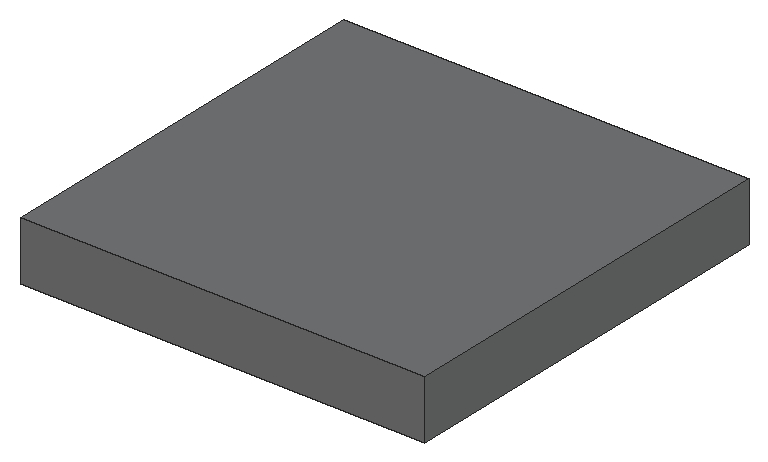
Revit family "Gira_536001", category Electrical Fixtures, host Face, Revit 2017
Family settings
  Host = Face
  Maintain Annotation Orientation = No
  Round Connector Dimension = Use Diameter
  Part Type = Normal
  Cut with Voids When Loaded = No
  Shared = No
  Room Calculation Point = No
Parameters (values of type "S3000 Bedienaufs. System 55 Cremeweiß")
  Werkstoffgüte = "sonstige"
  Werkstoff = "sonstige"
  URL = "http://katalog.gira.de/de_DE/datenblatt.html?artikelnr=536001"
  Transparent = "No"
  Region = "DE"
  RAL-Nummer (ähnlich) = "1013 "
  Oberfläche = "sonstige"
  Name = "S3000 Bedienaufs. System 55 Cremeweiß"
  Mit LED-Anzeige = "No"
  Mit Abdeckung = "Yes"
  Manufacturer URL = "https://www.gira.de/"
  Keynote = "Sys55_Abdeckung_Schalten und Tasten"
  HeinzeBIM = "https://bimportal.heinze.de/bim/s3000-bedienaufs-system-55-cremeweiss/a196317ab3a1a2162d76a91242dc0182bcdebf34"
  Halogenfrei = "Yes"
  HAN = "536001"
  Geeignet für Schalteinsatz = "No"
  Geeignet für Jalousieeinsatz = "Yes"
  Geeignet für Dimmeinsatz = "No"
  GTIN = "4010337027201"
  Farbe = "cremeweiß (elektroweiß)"
  Default Elevation = 1219.2 mm
  Data sheet (1) = "https://katalog.gira.de/de_DE/download.html?artikelnr=536001"
  Category = "Bedienelement intelligent"
  Available = "Yes"
  Ausführung der Oberfläche = "glänzend"
  Anzahl der Tasten = "1 "
  Anzahl der Betätigungspunkte = "2 "
  Anwendung = "Steuern elektrischer Verbraucher"
  Anthrazit [instance] = Anthrazit
Reference planes
  plane 1 "Center (Front/Back)": y = 0
  plane 2: z = 0
  plane 3 "Center (Left/Right)": x = 0
Forms (mm)
  Extrusion 1, solid, material "Anthrazit" <- "Anthrazit", detail levels fine
    sketch origin (0, 0, 0) x (1, 0, 0) y (0, 1, 0)
      loop
        line (-27.5, 27.5) -> (-27.5, -27.5) -> (27.5, -27.5) -> (27.5, 27.5) -> (-27.5, 27.5)
    from 0 to 8
  Extrusion 2, void
    sketch origin (0, 0, 0) x (1, 0, 0) y (0, 1, 0)
      loop
        line (26, 26) -> (-26, 26) -> (-26, -26) -> (26, -26) -> (26, 26)
    from 0 to 6
  Extrusion 3, solid, material "Anthrazit" <- "Anthrazit", detail levels medium
    sketch origin (0, 0, 0) x (1, 0, 0) y (0, 1, 0)
      loop
        line (-27.5, 27.5) -> (-27.5, -27.5) -> (27.5, -27.5) -> (27.5, 27.5) -> (-27.5, 27.5)
    from 0 to 8
  Extrusion 4, solid, material "Anthrazit" <- "Anthrazit", detail levels medium
    sketch origin (0, 0, 0) x (1, 0, 0) y (0, 1, 0)
      loop
        line (11, -17.5) -> (11, 17.5) -> (-11, 17.5) -> (-11, -17.5) -> (11, -17.5)
    from -6 to 6
  Extrusion 5, solid, material "Anthrazit" <- "Anthrazit", detail levels fine
    sketch origin (0, 0, 0) x (1, 0, 0) y (0, 1, 0)
      loop
        line (11, 17.5) -> (-11, 17.5) -> (-11, 16.5) -> (11, 16.5) -> (11, 17.5)
      loop
        line (-11, -16.5) -> (-11, -17.5) -> (11, -17.5) -> (11, -16.5) -> (-11, -16.5)
    from -4 to 6
  Extrusion 6, solid, material "Anthrazit" <- "Anthrazit", detail levels fine
    sketch origin (0, 0, 0) x (1, 0, 0) y (0, 1, 0)
      loop
        arc (5, 9.347) -> (0, 10.6) -> (-5, 9.347) r 10.6
        line (-5, 9.347) -> (-5, -9.347)
        arc (-5, -9.347) -> (0, -10.6) -> (5, -9.347) r 10.6
        line (5, -9.347) -> (5, 9.347)
    from -6 to 6
  Extrusion 7, solid, material "Anthrazit" <- "Anthrazit", detail levels coarse
    sketch origin (0, 0, 0) x (1, 0, 0) y (0, 1, 0)
      loop
        line (-27.5, 27.5) -> (-27.5, -27.5) -> (27.5, -27.5) -> (27.5, 27.5) -> (-27.5, 27.5)
    from -6 to 8
Cuts and joins
  Extrusion 2 cuts Extrusion 1
Dimensions and locks
  aligned and locked: plane 2 to host face
  aligned and locked: level to host face
